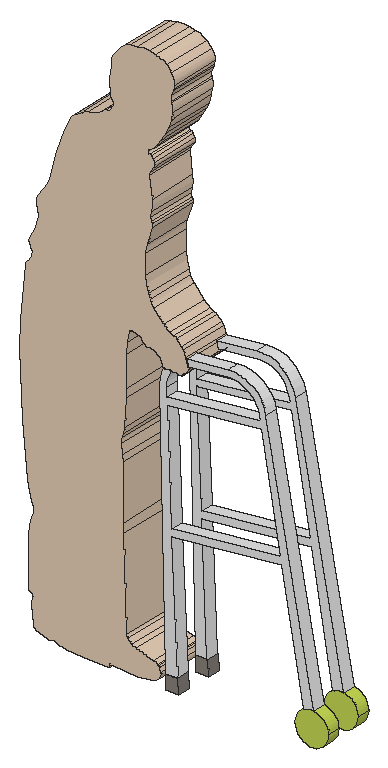
Revit family
Parameters
  Human Walker Ball = Human Walker Ball
  Human Finish [instance] = Human Flesh
  Human Depth [instance] = 0' - 6"
Reference planes (in)
  plane 1 "Center (Front/Back)": y = 0
  plane 2: z = 0
  plane 3 "Center (Left/Right)": x = 0
  plane 4: y = -6
  plane 5: y = -3
  plane 6: y = -1.5
  plane 7: y = -4.5
  plane 8: y = -3.75
  plane 9 "ball": y = -5.25
  plane 10: y = -2.25
  plane 11: y = -0.75
Forms (in)
  Extrusion 1, solid, material "Human Flesh" <- "Human Finish"
    sketch origin (0, 0, 0) x (1, 0, 0) y (0, 0, 1)
      loop
        arc (-8.8161, 0.14983) -> (-7.74738, 0.0375) -> (-6.67342, 0) r 15.39576
        line (-6.67342, 0) -> (-3.87532, 0)
        arc (-3.87532, 0) -> (-3.61053, 0.13442) -> (-3.56275, 0.42752) r 0.32803
        line (-3.56275, 0.42752) -> (-1.34131, 0.23317)
        arc (-1.34131, 0.23317) -> (-0.7616, 0.21292) -> (-0.18296, 0.25339) r 5.54168
        line (-0.18296, 0.25339) -> (1.31689, 0.43754)
        arc (1.31689, 0.43754) -> (1.70241, 0.53366) -> (2.05322, 0.72019) r 1.63011
        line (2.05322, 0.72019) -> (2.34947, 0.92763)
        arc (2.34947, 0.92763) -> (2.58822, 1.25324) -> (2.57941, 1.6569) r 0.62804
        line (2.57941, 1.6569) -> (2.40416, 2.1384)
        arc (2.40416, 2.1384) -> (2.35438, 2.23933) -> (2.28394, 2.3271) r 0.51687
        line (2.28394, 2.3271) -> (2.20657, 2.40447)
        arc (2.20657, 2.40447) -> (1.99325, 2.56816) -> (1.74483, 2.67106) r 1.03001
        line (1.74483, 2.67106) -> (-0.46049, 3.26197)
        arc (-0.46049, 3.26197) -> (-0.72059, 3.36971) -> (-0.94394, 3.54109) r 1.07843
        line (-0.94394, 3.54109) -> (-1.41172, 4.00887)
        arc (-1.41172, 4.00887) -> (-1.52362, 4.17322) -> (-1.5675, 4.36714) r 0.53298
        line (-1.5675, 4.36714) -> (-1.94386, 15.14451)
        arc (-1.94386, 15.14451) -> (-1.95879, 15.71479) -> (-1.96377, 16.28525) r 32.6864
        line (-1.96377, 16.28525) -> (-1.96377, 22.8602)
        arc (-1.96377, 22.8602) -> (-1.9715, 23.21437) -> (-1.99466, 23.56787) r 8.11958
        line (-1.99466, 23.56787) -> (-2.10834, 24.86722)
        arc (-2.10834, 24.86722) -> (-2.10834, 25.2045) -> (-2.04978, 25.53665) r 1.93492
        line (-2.04978, 25.53665) -> (-1.96921, 25.83731)
        arc (-1.96921, 25.83731) -> (-1.8942, 26.17566) -> (-1.84897, 26.51925) r 3.97256
        line (-1.84897, 26.51925) -> (-1.55509, 29.87829)
        arc (-1.55509, 29.87829) -> (-1.52041, 30.40736) -> (-1.50885, 30.93743) r 12.15227
        line (-1.50885, 30.93743) -> (-1.50885, 34.73789)
        arc (-1.50885, 34.73789) -> (-1.48265, 35.40479) -> (-1.4042, 36.06758) r 8.5
        line (-1.4042, 36.06758) -> (-1.2211, 37.22365)
        arc (-1.2211, 37.22365) -> (-1.06077, 37.44841) -> (-0.78478, 37.45564) r 0.30938
        line (-0.78478, 37.45564) -> (0.06946, 37.0573)
        arc (0.06946, 37.0573) -> (0.19522, 36.98469) -> (0.30646, 36.89136) r 0.83305
        line (0.30646, 36.89136) -> (0.8737, 36.32411)
        arc (0.8737, 36.32411) -> (0.91351, 36.29935) -> (0.96018, 36.29473) r 0.10331
        line (0.96018, 36.29473) -> (1.3077, 36.34028)
        arc (1.3077, 36.34028) -> (1.50253, 36.32956) -> (1.68024, 36.24901) r 0.52953
        line (1.68024, 36.24901) -> (2.29271, 35.82016)
        arc (2.29271, 35.82016) -> (2.49281, 35.62006) -> (2.6124, 35.36359) r 0.81481
        line (2.6124, 35.36359) -> (2.72674, 34.93685)
        arc (2.72674, 34.93685) -> (2.75554, 34.88154) -> (2.80501, 34.84358) r 0.14404
        line (2.80501, 34.84358) -> (3.02369, 34.74161)
        arc (3.02369, 34.74161) -> (3.07864, 34.72493) -> (3.13606, 34.72428) r 0.20335
        line (3.13606, 34.72428) -> (3.66147, 34.79315)
        arc (3.66147, 34.79315) -> (3.70898, 34.78845) -> (3.74952, 34.76324) r 0.10519
        line (3.74952, 34.76324) -> (3.80863, 34.70413)
        arc (3.80863, 34.70413) -> (3.85051, 34.67807) -> (3.89959, 34.67322) r 0.10867
        line (3.89959, 34.67322) -> (4.435, 34.7434)
        arc (4.435, 34.7434) -> (4.46933, 34.74301) -> (4.50219, 34.73304) r 0.1216
        line (4.50219, 34.73304) -> (4.55487, 34.70847)
        arc (4.55487, 34.70847) -> (4.64776, 34.67694) -> (4.74528, 34.66626) r 0.45057
        line (4.74528, 34.66626) -> (5.06598, 34.66626)
        arc (5.06598, 34.66626) -> (5.13296, 34.68578) -> (5.17896, 34.73823) r 0.12465
        line (5.17896, 34.73823) -> (5.26615, 34.92521)
        arc (5.26615, 34.92521) -> (5.29332, 34.95619) -> (5.33287, 34.96772) r 0.07363
        line (5.33287, 34.96772) -> (5.39809, 34.96772)
        arc (5.39809, 34.96772) -> (5.49376, 34.98675) -> (5.57487, 35.04094) r 0.25
        line (5.57487, 35.04094) -> (5.81536, 35.28144)
        arc (5.81536, 35.28144) -> (5.89208, 35.41433) -> (5.89208, 35.56778) r 0.29644
        line (5.89208, 35.56778) -> (5.65339, 36.45857)
        arc (5.65339, 36.45857) -> (5.6096, 36.60884) -> (5.55928, 36.75705) r 3.58741
        line (5.55928, 36.75705) -> (5.29099, 37.49417)
        arc (5.29099, 37.49417) -> (5.21295, 37.65242) -> (5.10251, 37.79003) r 0.81039
        line (5.10251, 37.79003) -> (4.4943, 38.39824)
        arc (4.4943, 38.39824) -> (4.33511, 38.53181) -> (4.15515, 38.63572) r 1.19215
        line (4.15515, 38.63572) -> (3.65227, 38.87022)
        arc (3.65227, 38.87022) -> (3.24511, 39.11729) -> (2.90108, 39.44662) r 2.18734
        line (2.90108, 39.44662) -> (1.73196, 40.83992)
        arc (1.73196, 40.83992) -> (1.47892, 41.2013) -> (1.29248, 41.60112) r 2.53088
        line (1.29248, 41.60112) -> (1.07769, 42.19127)
        arc (1.07769, 42.19127) -> (0.84083, 43.07522) -> (0.76107, 43.98688) r 5.25
        line (0.76107, 43.98688) -> (0.76107, 46.38571)
        arc (0.76107, 46.38571) -> (0.80397, 46.92453) -> (0.93157, 47.44978) r 3.40555
        line (0.93157, 47.44978) -> (1.59136, 49.45573)
        arc (1.59136, 49.45573) -> (1.61633, 49.64784) -> (1.56881, 49.83566) r 0.51686
        line (1.56881, 49.83566) -> (1.44913, 50.09231)
        arc (1.44913, 50.09231) -> (1.38854, 50.30022) -> (1.39326, 50.51672) r 0.71177
        line (1.39326, 50.51672) -> (1.49884, 51.11549)
        arc (1.49884, 51.11549) -> (1.56811, 51.77455) -> (1.54498, 52.43683) r 4.75
        line (1.54498, 52.43683) -> (1.26845, 55.06783)
        arc (1.26845, 55.06783) -> (1.28164, 55.24528) -> (1.35614, 55.40688) r 0.5
        line (1.35614, 55.40688) -> (1.79251, 56.03008)
        arc (1.79251, 56.03008) -> (1.8852, 56.28475) -> (1.83814, 56.55164) r 0.52355
        line (1.83814, 56.55164) -> (1.66268, 56.92791)
        arc (1.66268, 56.92791) -> (1.56716, 57.06307) -> (1.43035, 57.15622) r 0.46504
        line (1.43035, 57.15622) -> (1.2241, 57.24805)
        arc (1.2241, 57.24805) -> (1.07673, 57.45465) -> (1.18598, 57.68369) r 0.25
        line (1.18598, 57.68369) -> (1.43174, 57.84946)
        arc (1.43174, 57.84946) -> (1.83075, 58.17546) -> (2.16366, 58.56871) r 2.81551
        line (2.16366, 58.56871) -> (2.70286, 59.33878)
        arc (2.70286, 59.33878) -> (2.98901, 59.79229) -> (3.23038, 60.27115) r 5.58843
        line (3.23038, 60.27115) -> (3.50056, 60.878)
        arc (3.50056, 60.878) -> (3.69127, 61.38806) -> (3.81839, 61.91757) r 4.45997
        line (3.81839, 61.91757) -> (3.94709, 62.64746)
        arc (3.94709, 62.64746) -> (3.98311, 63.19709) -> (3.89932, 63.74148) r 2.5297
        line (3.89932, 63.74148) -> (3.84125, 63.95823)
        arc (3.84125, 63.95823) -> (3.81221, 64.27428) -> (3.89033, 64.5819) r 0.93707
        line (3.89033, 64.5819) -> (4.1201, 65.09798)
        arc (4.1201, 65.09798) -> (4.15606, 65.19414) -> (4.18003, 65.29398) r 0.84088
        line (4.18003, 65.29398) -> (4.2563, 65.72655)
        arc (4.2563, 65.72655) -> (4.21405, 66.37125) -> (3.87888, 66.92359) r 1.3591
        line (3.87888, 66.92359) -> (3.23895, 67.56352)
        arc (3.23895, 67.56352) -> (2.64692, 67.99761) -> (1.95175, 68.23359) r 2.41293
        line (1.95175, 68.23359) -> (1.20978, 68.36442)
        arc (1.20978, 68.36442) -> (0.48464, 68.43105) -> (-0.24155, 68.37708) r 4.39687
        line (-0.24155, 68.37708) -> (-1.07364, 68.2453)
        arc (-1.07364, 68.2453) -> (-1.67487, 68.03239) -> (-2.15988, 67.61815) r 1.75
        line (-2.15988, 67.61815) -> (-3.22424, 66.30377)
        arc (-3.22424, 66.30377) -> (-3.29208, 66.18974) -> (-3.32474, 66.06114) r 0.46233
        line (-3.32474, 66.06114) -> (-3.42207, 65.1351)
        arc (-3.42207, 65.1351) -> (-3.50514, 64.45859) -> (-3.61176, 63.78539) r 19.52716
        line (-3.61176, 63.78539) -> (-3.65715, 63.52796)
        arc (-3.65715, 63.52796) -> (-3.66837, 63.35689) -> (-3.64229, 63.18744) r 0.78739
        line (-3.64229, 63.18744) -> (-3.55688, 62.86869)
        arc (-3.55688, 62.86869) -> (-3.5093, 62.62951) -> (-3.49335, 62.38616) r 1.86436
        line (-3.49335, 62.38616) -> (-3.49335, 61.91397)
        arc (-3.49335, 61.91397) -> (-3.46082, 61.7504) -> (-3.36816, 61.61173) r 0.42742
        line (-3.36816, 61.61173) -> (-3.1975, 61.44107)
        arc (-3.1975, 61.44107) -> (-3.08326, 61.19607) -> (-3.15322, 60.93496) r 0.39519
        line (-3.15322, 60.93496) -> (-3.6249, 60.26134)
        arc (-3.6249, 60.26134) -> (-3.69085, 60.2035) -> (-3.77605, 60.18265) r 0.18453
        line (-3.77605, 60.18265) -> (-3.96014, 60.18265)
        arc (-3.96014, 60.18265) -> (-4.16326, 60.14225) -> (-4.33546, 60.02719) r 0.53078
        line (-4.33546, 60.02719) -> (-4.53697, 59.82568)
        arc (-4.53697, 59.82568) -> (-4.72646, 59.68027) -> (-4.94713, 59.58887) r 0.91497
        line (-4.94713, 59.58887) -> (-6.11518, 59.27589)
        arc (-6.11518, 59.27589) -> (-6.60148, 59.10129) -> (-7.05229, 58.84883) r 3.1198
        line (-7.05229, 58.84883) -> (-7.87312, 58.29516)
        arc (-7.87312, 58.29516) -> (-8.22502, 57.97831) -> (-8.47595, 57.57674) r 1.70122
        line (-8.47595, 57.57674) -> (-9.06588, 56.25174)
        arc (-9.06588, 56.25174) -> (-9.59387, 54.92833) -> (-10.0164, 53.56757) r 18.14638
        line (-10.0164, 53.56757) -> (-10.88226, 50.33611)
        arc (-10.88226, 50.33611) -> (-10.9917, 50.02708) -> (-11.14812, 49.73898) r 2.08916
        line (-11.14812, 49.73898) -> (-12.30793, 47.95304)
        arc (-12.30793, 47.95304) -> (-12.44473, 47.60551) -> (-12.43468, 47.23216) r 0.93557
        line (-12.43468, 47.23216) -> (-12.24516, 46.41486)
        arc (-12.24516, 46.41486) -> (-12.19803, 45.92904) -> (-12.27847, 45.4476) r 1.86636
        line (-12.27847, 45.4476) -> (-12.54621, 44.57189)
        arc (-12.54621, 44.57189) -> (-12.69695, 44.16329) -> (-12.89298, 43.77438) r 3.84106
        line (-12.89298, 43.77438) -> (-13.26441, 43.13103)
        arc (-13.26441, 43.13103) -> (-13.34605, 42.85093) -> (-13.28914, 42.56478) r 0.61374
        line (-13.28914, 42.56478) -> (-13.00311, 41.9514)
        arc (-13.00311, 41.9514) -> (-12.9428, 41.71817) -> (-12.97007, 41.47882) r 0.66096
        line (-12.97007, 41.47882) -> (-13.06015, 41.18417)
        arc (-13.06015, 41.18417) -> (-13.16536, 40.94787) -> (-13.3246, 40.74404) r 1.06122
        line (-13.3246, 40.74404) -> (-13.54449, 40.52416)
        arc (-13.54449, 40.52416) -> (-13.64322, 40.38826) -> (-13.69513, 40.22851) r 0.53688
        line (-13.69513, 40.22851) -> (-13.7316, 39.99825)
        arc (-13.7316, 39.99825) -> (-14.12131, 36.93484) -> (-14.32329, 33.85335) r 50.56079
        line (-14.32329, 33.85335) -> (-14.43074, 30.77615)
        arc (-14.43074, 30.77615) -> (-14.43074, 26.95465) -> (-14.16417, 23.14247) r 54.75
        line (-14.16417, 23.14247) -> (-13.50245, 16.84666)
        arc (-13.50245, 16.84666) -> (-13.32339, 15.77663) -> (-13.01526, 14.73639) r 8.88565
        line (-13.01526, 14.73639) -> (-12.81437, 14.18445)
        arc (-12.81437, 14.18445) -> (-12.76108, 13.88223) -> (-12.81437, 13.58001) r 0.88363
        line (-12.81437, 13.58001) -> (-13.02657, 12.99701)
        arc (-13.02657, 12.99701) -> (-13.29726, 11.98677) -> (-13.38841, 10.94489) r 6
        line (-13.38841, 10.94489) -> (-13.38841, 5.23415)
        arc (-13.38841, 5.23415) -> (-13.33821, 5.02898) -> (-13.19894, 4.87018) r 0.44433
        line (-13.19894, 4.87018) -> (-12.96494, 4.70633)
        arc (-12.96494, 4.70633) -> (-12.84949, 4.54888) -> (-12.85375, 4.35368) r 0.3037
        line (-12.85375, 4.35368) -> (-12.91216, 4.19321)
        arc (-12.91216, 4.19321) -> (-12.99297, 3.86295) -> (-13.00039, 3.52302) r 1.56158
        line (-13.00039, 3.52302) -> (-12.81743, 1.43184)
        arc (-12.81743, 1.43184) -> (-12.72044, 1.18241) -> (-12.50462, 1.02417) r 0.47819
        line (-12.50462, 1.02417) -> (-11.04181, 0.49175)
        arc (-11.04181, 0.49175) -> (-10.9127, 0.47188) -> (-10.78581, 0.50293) r 0.3348
        line (-10.78581, 0.50293) -> (-10.46056, 0.65459)
        arc (-10.46056, 0.65459) -> (-10.34788, 0.67446) -> (-10.24036, 0.63533) r 0.22104
        line (-10.24036, 0.63533) -> (-9.85233, 0.36363)
        arc (-9.85233, 0.36363) -> (-9.72409, 0.29472) -> (-9.5833, 0.25765) r 0.6193
        line (-9.5833, 0.25765) -> (-8.8161, 0.14983)
    from 0 to 6 <- "Human Depth"
  Extrusion 2, solid, material "Human Walker Frame"
    sketch origin (-10.46056, -5.25, 48) x (1, 0, 0) y (0, 0, 1)
      loop
        line (13.66753, -46.25) -> (15.00444, -46.25) -> (14.37936, -31.16589) -> (27.6216, -29.53994) -> (30.21323, -44.23777)
        arc (30.21323, -44.23777) -> (30.85048, -43.9974) -> (31.53137, -43.98155) r 2.02802
        line (31.53137, -43.98155) -> (25.73434, -14.15843)
        arc (25.73434, -14.15843) -> (24.06051, -11.53105) -> (21.04448, -10.75105) r 4.25
        line (21.04448, -10.75105) -> (16.19489, -11.3465)
        arc (16.19489, -11.3465) -> (16.1283, -11.35528) -> (16.06188, -11.36526) r 3.75
        arc (16.06188, -11.36526) -> (16.08905, -11.45301) -> (16.11395, -11.54143) r 3.58741
        line (16.11395, -11.54143) -> (16.27856, -12.15574)
        arc (16.27856, -12.15574) -> (16.31502, -12.15058) -> (16.35154, -12.14587) r 3
        line (16.35154, -12.14587) -> (21.08411, -11.56478)
        arc (21.08411, -11.56478) -> (23.59253, -12.22519) -> (24.95748, -14.43093) r 3.5
        line (24.95748, -14.43093) -> (25.03705, -14.88221) -> (13.76195, -16.26662) -> (13.71972, -15.24772)
        arc (13.71972, -15.24772) -> (13.85202, -14.2341) -> (14.31697, -13.32374) r 3
        arc (14.31697, -13.32374) -> (14.29128, -13.3129) -> (14.26919, -13.29587) r 0.10867
        line (14.26919, -13.29587) -> (14.21008, -13.23676)
        arc (14.21008, -13.23676) -> (14.16954, -13.21155) -> (14.12203, -13.20685) r 0.10519
        line (14.12203, -13.20685) -> (13.59662, -13.27572)
        arc (13.59662, -13.27572) -> (13.5392, -13.27507) -> (13.48425, -13.25839) r 0.20335
        line (13.48425, -13.25839) -> (13.39185, -13.2153)
        arc (13.39185, -13.2153) -> (13.01495, -14.15473) -> (12.90304, -15.16073) r 3.75
        line (12.90304, -15.16073) -> (13.66753, -46.25)
      loop
        line (13.7957, -17.08108) -> (14.34561, -30.35143) -> (27.48032, -28.73869) -> (25.17833, -15.68346) -> (13.7957, -17.08108)
    from 0.75 to -0.75
  Extrusion 3, solid, material "Human Walker Ball" <- "Human Walker Ball"
    sketch origin (0, 0, 0) x (1, 0, 0) y (0, 0, 1)
      loop
        circle (20.77688, 2.01184) r 2.02802
    from 4.5 to 6
  Extrusion 4, solid, material "Human Walker Foot"
    sketch origin (0, 0, 0) x (1, 0, 0) y (0, 0, 1)
      loop
        line (3.12542, 1.75) -> (3.12542, 0) -> (4.71713, 0) -> (4.62542, 1.75) -> (3.12542, 1.75)
    from 4.5 to 6
  Extrusion 5, solid, material "Human Walker Ball" <- "Human Walker Ball"
    sketch origin (-10.46056, -0.75, 48) x (1, 0, 0) y (0, 0, -1)
      loop
        circle (31.23744, 45.98816) r 2.02802
    from -0.75 to 0.75
  Extrusion 6, solid, material "Human Walker Foot"
    sketch origin (-10.46056, -0.75, 48) x (1, 0, 0) y (0, 0, -1)
      loop
        line (13.58598, 46.25) -> (15.08598, 46.25) -> (15.1777, 48) -> (13.58598, 48) -> (13.58598, 46.25)
    from -0.75 to 0.75
  Extrusion 7, solid, material "Human Walker Frame"
    sketch origin (-10.46056, -0.75, 48) x (1, 0, 0) y (0, 0, -1)
      loop
        line (13.66753, 46.25) -> (12.90304, 15.16073)
        arc (12.90304, 15.16073) -> (13.01495, 14.15473) -> (13.39185, 13.2153) r 3.75
        line (13.39185, 13.2153) -> (13.48425, 13.25839)
        arc (13.48425, 13.25839) -> (13.5392, 13.27507) -> (13.59662, 13.27572) r 0.20335
        line (13.59662, 13.27572) -> (14.12203, 13.20685)
        arc (14.12203, 13.20685) -> (14.16954, 13.21155) -> (14.21008, 13.23676) r 0.10519
        line (14.21008, 13.23676) -> (14.26919, 13.29587)
        arc (14.26919, 13.29587) -> (14.29128, 13.3129) -> (14.31697, 13.32374) r 0.10867
        arc (14.31697, 13.32374) -> (13.85202, 14.2341) -> (13.71972, 15.24772) r 3
        line (13.71972, 15.24772) -> (13.76195, 16.26662) -> (25.03705, 14.88221) -> (24.95748, 14.43093)
        arc (24.95748, 14.43093) -> (23.59253, 12.22519) -> (21.08411, 11.56478) r 3.5
        line (21.08411, 11.56478) -> (16.35154, 12.14587)
        arc (16.35154, 12.14587) -> (16.31502, 12.15058) -> (16.27856, 12.15574) r 3
        line (16.27856, 12.15574) -> (16.11395, 11.54143)
        arc (16.11395, 11.54143) -> (16.08905, 11.45301) -> (16.06188, 11.36526) r 3.58741
        arc (16.06188, 11.36526) -> (16.1283, 11.35528) -> (16.19489, 11.3465) r 3.75
        line (16.19489, 11.3465) -> (21.04448, 10.75105)
        arc (21.04448, 10.75105) -> (24.06051, 11.53105) -> (25.73434, 14.15843) r 4.25
        line (25.73434, 14.15843) -> (31.53137, 43.98155)
        arc (31.53137, 43.98155) -> (30.85048, 43.9974) -> (30.21323, 44.23777) r 2.02802
        line (30.21323, 44.23777) -> (27.6216, 29.53994) -> (14.37936, 31.16589) -> (15.00444, 46.25) -> (13.66753, 46.25)
      loop
        line (13.7957, 17.08108) -> (25.17833, 15.68346) -> (27.48032, 28.73869) -> (14.34561, 30.35143) -> (13.7957, 17.08108)
    from 0.75 to -0.75
Dimensions and locks (in)
  "Human Depth": plane 4 to plane 1 "Center (Front/Back)"
  equal spacing: plane 4, plane 5, plane 1 "Center (Front/Back)"
  equal spacing: plane 4, plane 7, plane 5
  equal spacing: plane 5, plane 6, plane 1 "Center (Front/Back)"
  equal spacing: plane 4, plane 9 "ball", plane 7
  equal spacing: plane 5, plane 8, plane 7
  equal spacing: plane 5, plane 10, plane 6
  equal spacing: plane 6, plane 11, plane 1 "Center (Front/Back)"
  aligned and locked: plane 4 to Extrusion 2
  aligned and locked: Extrusion 2 to plane 7
  aligned and locked: Extrusion 3 to plane 7
  aligned and locked: plane 4 to Extrusion 3
  aligned and locked: plane 7 to Extrusion 4
  aligned and locked: plane 4 to Extrusion 4
  aligned and locked: plane 6 to Extrusion 6
  aligned and locked: Extrusion 6 to plane 1 "Center (Front/Back)"
  aligned and locked: plane 6 to Extrusion 5
  aligned and locked: Extrusion 5 to plane 1 "Center (Front/Back)"
  aligned and locked: plane 6 to Extrusion 7
  aligned and locked: Extrusion 7 to plane 1 "Center (Front/Back)"
Automatic sketch dimensions
  Extrusion 1 sketch curve to level = 0' - 0"
  Extrusion 1 sketch curve to plane 3 "Center (Left/Right)" = 1' - 10.84226"
  Extrusion 1 sketch curve to plane 3 "Center (Left/Right)" = 1' - 4.21944"
  Extrusion 1 sketch curve to plane 3 "Center (Left/Right)" = 1' - 2.43074"
  Extrusion 1 sketch curve to Extrusion 1 sketch curve = 0' - 0.10746"
  Extrusion 1 sketch curve to Extrusion 1 sketch curve = 0' - 0.26657"
  Extrusion 1 sketch curve to Extrusion 1 sketch curve = 0' - 2.14444"
  Extrusion 1 sketch curve to Extrusion 1 sketch curve = 0' - 2.15616"
  Extrusion 1 sketch curve to Extrusion 1 sketch curve = 0' - 0.3434"
  Extrusion 1 sketch curve to Extrusion 1 sketch curve = 0' - 0.03647"
  Extrusion 1 sketch curve to Extrusion 1 sketch curve = 0' - 0.76962"
  Extrusion 1 sketch curve to Extrusion 1 sketch curve = 0' - 0.51946"
  Extrusion 1 sketch curve to Extrusion 1 sketch curve = 0' - 0.47285"
  Extrusion 1 sketch curve to Extrusion 1 sketch curve = 0' - 0.15064"
  Extrusion 1 sketch curve to Extrusion 1 sketch curve = 0' - 0.14225"
  Extrusion 1 sketch curve to Extrusion 1 sketch curve = 0' - 0.25629"
  Extrusion 1 sketch curve to Extrusion 1 sketch curve = 0' - 0.21989"  (x2)
  Extrusion 1 sketch curve to Extrusion 1 sketch curve = 0' - 0.31301"
  Extrusion 1 sketch curve to Extrusion 1 sketch curve = 0' - 0.02472"
  level to Extrusion 1 sketch curve = 0' - 4.87018"
  Extrusion 1 sketch curve to Extrusion 1 sketch curve = 0' - 0.18947"
  Extrusion 1 sketch curve to Extrusion 1 sketch curve = 0' - 0.37963"
  Extrusion 1 sketch curve to Extrusion 1 sketch curve = 0' - 0.0598"
  Extrusion 1 sketch curve to Extrusion 1 sketch curve = 0' - 0.26445"
  Extrusion 1 sketch curve to Extrusion 1 sketch curve = 0' - 0.61814"
  Extrusion 1 sketch curve to Extrusion 1 sketch curve = 0' - 0.62945"
  Extrusion 1 sketch curve to Extrusion 1 sketch curve = 0' - 0.59904"
  level to Extrusion 1 sketch curve = 0' - 3.52302"
  Extrusion 1 sketch curve to Extrusion 1 sketch curve = 0' - 0.13875"
  Extrusion 1 sketch curve to Extrusion 1 sketch curve = 0' - 0.09009"
  level to Extrusion 1 sketch curve = 0' - 4.70633"
  Extrusion 1 sketch curve to Extrusion 1 sketch curve = 0' - 0.234"
  Extrusion 1 sketch curve to Extrusion 1 sketch curve = 0' - 0.25486"
  Extrusion 1 sketch curve to Extrusion 1 sketch curve = 0' - 0.22698"
  Extrusion 1 sketch curve to Extrusion 1 sketch curve = 0' - 1.16304"
  Extrusion 1 sketch curve to Extrusion 1 sketch curve = 0' - 0.37144"
  level to Extrusion 1 sketch curve = 0' - 4.35368"
  Extrusion 1 sketch curve to Extrusion 1 sketch curve = 0' - 0.05841"
  Extrusion 1 sketch curve to Extrusion 1 sketch curve = 0' - 0.18295"
  Extrusion 1 sketch curve to Extrusion 1 sketch curve = 0' - 0.2122"
  Extrusion 1 sketch curve to Extrusion 1 sketch curve = 0' - 0.20089"
  Extrusion 1 sketch curve to Extrusion 1 sketch curve = 0' - 0.55623"
  Extrusion 1 sketch curve to Extrusion 1 sketch curve = 0' - 0.34677"
  Extrusion 1 sketch curve to Extrusion 1 sketch curve = 0' - 0.31282"
  Extrusion 1 sketch curve to Extrusion 1 sketch curve = 0' - 1.6286"
  Extrusion 1 sketch curve to Extrusion 1 sketch curve = 0' - 0.47637"
  Extrusion 1 sketch curve to Extrusion 1 sketch curve = 0' - 0.12675"
  Extrusion 1 sketch curve to Extrusion 1 sketch curve = 0' - 0.26773"
  Extrusion 1 sketch curve to Extrusion 1 sketch curve = 0' - 0.18952"
  Extrusion 1 sketch curve to Extrusion 1 sketch curve = 0' - 0.91139"
  Extrusion 1 sketch curve to Extrusion 1 sketch curve = 0' - 1.4674"
  Extrusion 1 sketch curve to Extrusion 1 sketch curve = 0' - 1.75212"
  level to Extrusion 1 sketch curve = 0' - 0.49175"
  Extrusion 1 sketch curve to Extrusion 1 sketch curve = 0' - 1.46281"
  Extrusion 1 sketch curve to Extrusion 1 sketch curve = 0' - 0.11451"
  Extrusion 1 sketch curve to Extrusion 1 sketch curve = 0' - 0.26586"
  Extrusion 1 sketch curve to Extrusion 1 sketch curve = 0' - 0.256"
  Extrusion 1 sketch curve to Extrusion 1 sketch curve = 0' - 0.32525"
  Extrusion 1 sketch curve to Extrusion 1 sketch curve = 0' - 0.09342"
  Extrusion 1 sketch curve to Extrusion 1 sketch curve = 0' - 0.12678"
  Extrusion 1 sketch curve to Extrusion 1 sketch curve = 0' - 4.08082"
  Extrusion 1 sketch curve to Extrusion 1 sketch curve = 0' - 0.86587"
  Extrusion 1 sketch curve to Extrusion 1 sketch curve = 0' - 0.38803"
  Extrusion 1 sketch curve to Extrusion 1 sketch curve = 0' - 0.26903"
  Extrusion 1 sketch curve to Extrusion 1 sketch curve = 0' - 0.35522"
  Extrusion 1 sketch curve to Extrusion 1 sketch curve = 0' - 0.95051"
  level to Extrusion 1 sketch curve = 0' - 0.14983"
  Extrusion 1 sketch curve to Extrusion 1 sketch curve = 0' - 0.7672"
  Extrusion 1 sketch curve to Extrusion 1 sketch curve = 0' - 0.58993"
  Extrusion 1 sketch curve to Extrusion 1 sketch curve = 0' - 0.60283"
  Extrusion 1 sketch curve to Extrusion 1 sketch curve = 0' - 5.63816"
  Extrusion 1 sketch curve to Extrusion 1 sketch curve = 0' - 0.82084"
  Extrusion 1 sketch curve to Extrusion 1 sketch curve = 0' - 0.95131"
  Extrusion 1 sketch curve to Extrusion 1 sketch curve = 0' - 2.14268"
  Extrusion 1 sketch curve to Extrusion 1 sketch curve = 0' - 0.93711"
  Extrusion 1 sketch curve to plane 3 "Center (Left/Right)" = 0' - 5.80641"
  Extrusion 1 sketch curve to Extrusion 1 sketch curve = 0' - 0.75747"
  Extrusion 1 sketch curve to Extrusion 1 sketch curve = 0' - 1.6141"
  Extrusion 1 sketch curve to Extrusion 1 sketch curve = 0' - 0.93123"
  Extrusion 1 sketch curve to Extrusion 1 sketch curve = 0' - 0.23681"  (x2)
  Extrusion 1 sketch curve to Extrusion 1 sketch curve = 0' - 2.00794"
  Extrusion 1 sketch curve to Extrusion 1 sketch curve = 0' - 0 105/256"
  Extrusion 1 sketch curve to Extrusion 1 sketch curve = 0' - 0.20151"  (x2)
  Extrusion 1 sketch curve to Extrusion 1 sketch curve = 0' - 0.37532"
  level to Extrusion 1 sketch curve = 0' - 0.32803"
  Extrusion 1 sketch curve to Extrusion 1 sketch curve = 0' - 0.18408"
  Extrusion 1 sketch curve to Extrusion 1 sketch curve = 0' - 1.70055"
  Extrusion 1 sketch curve to Extrusion 1 sketch curve = 0' - 0.01487"
  Extrusion 1 sketch curve to Extrusion 1 sketch curve = 0' - 0.15116"
  Extrusion 1 sketch curve to Extrusion 1 sketch curve = 0' - 0.04539"
  level to Extrusion 1 sketch curve = 0' - 0.42752"
  Extrusion 1 sketch curve to Extrusion 1 sketch curve = 0' - 0.08541"
  Extrusion 1 sketch curve to Extrusion 1 sketch curve = 0' - 0.06353"
  Extrusion 1 sketch curve to Extrusion 1 sketch curve = 0' - 0.01641"
  Extrusion 1 sketch curve to Extrusion 1 sketch curve = 0' - 0.18969"
  Extrusion 1 sketch curve to Extrusion 1 sketch curve = 0' - 0.12519"
  Extrusion 1 sketch curve to Extrusion 1 sketch curve = 0' - 0.09733"
  Extrusion 1 sketch curve to Extrusion 1 sketch curve = 0' - 0.1005"
  Extrusion 1 sketch curve to Extrusion 1 sketch curve = 0' - 0.17066"  (x2)
  Extrusion 1 sketch curve to plane 3 "Center (Left/Right)" = 0' - 3.179"
  Extrusion 1 sketch curve to Extrusion 1 sketch curve = 0' - 0.32372"
  Extrusion 1 sketch curve to Extrusion 1 sketch curve = 0' - 0.30223"
  Extrusion 1 sketch curve to Extrusion 1 sketch curve = 0' - 0.76056"
  Extrusion 1 sketch curve to Extrusion 1 sketch curve = 0' - 0.4598"
  Extrusion 1 sketch curve to Extrusion 1 sketch curve = 0' - 1.06436"
  Extrusion 1 sketch curve to plane 3 "Center (Left/Right)" = 0' - 2.10834"
  Extrusion 1 sketch curve to Extrusion 1 sketch curve = 0' - 0.05857"
  Extrusion 1 sketch curve to Extrusion 1 sketch curve = 0' - 0.11368"
  Extrusion 1 sketch curve to Extrusion 1 sketch curve = 0' - 0.08056"
  Extrusion 1 sketch curve to Extrusion 1 sketch curve = 0' - 0.0309"
  Extrusion 1 sketch curve to Extrusion 1 sketch curve = 0' - 0.01991"
  Extrusion 1 sketch curve to Extrusion 1 sketch curve = 0' - 1.00682"
  Extrusion 1 sketch curve to Extrusion 1 sketch curve = 0' - 0.12024"
  Extrusion 1 sketch curve to plane 3 "Center (Left/Right)" = 0' - 1.5675"
  Extrusion 1 sketch curve to plane 3 "Center (Left/Right)" = 0' - 1.55509"
  Extrusion 1 sketch curve to plane 3 "Center (Left/Right)" = 0' - 1.50885"
  Extrusion 1 sketch curve to Extrusion 1 sketch curve = 0' - 0.15578"
  Extrusion 1 sketch curve to Extrusion 1 sketch curve = 0' - 0.10465"
  Extrusion 1 sketch curve to Extrusion 1 sketch curve = 0' - 2.22144"
  Extrusion 1 sketch curve to Extrusion 1 sketch curve = 0' - 0.1831"
  Extrusion 1 sketch curve to Extrusion 1 sketch curve = 0' - 0.37687"
  Extrusion 1 sketch curve to plane 3 "Center (Left/Right)" = 0' - 1.07364"
  Extrusion 1 sketch curve to Extrusion 1 sketch curve = 0' - 0.46778"  (x2)
  Extrusion 1 sketch curve to Extrusion 1 sketch curve = 0' - 0.30557"
  Extrusion 1 sketch curve to plane 3 "Center (Left/Right)" = 0' - 0.85832"
  Extrusion 1 sketch curve to plane 3 "Center (Left/Right)" = 0' - 0.79987"
  Extrusion 1 sketch curve to Extrusion 1 sketch curve = 0' - 0.13075"
  Extrusion 1 sketch curve to plane 3 "Center (Left/Right)" = 0' - 0.57383"
  Extrusion 1 sketch curve to plane 3 "Center (Left/Right)" = 0' - 0.46049"
  Extrusion 1 sketch curve to plane 3 "Center (Left/Right)" = 0' - 0.2826"
  Extrusion 1 sketch curve to plane 3 "Center (Left/Right)" = 0' - 0.24155"
  Extrusion 1 sketch curve to plane 3 "Center (Left/Right)" = 0' - 0.18296"
  Extrusion 1 sketch curve to plane 3 "Center (Left/Right)" = 0' - 0.18137"
  Extrusion 1 sketch curve to plane 3 "Center (Left/Right)" = 0' - 0.18079"
  Extrusion 1 sketch curve to plane 3 "Center (Left/Right)" = 0' - 0.14267"
  plane 3 "Center (Left/Right)" to Extrusion 1 sketch curve = 0' - 0.06946"
  Extrusion 1 sketch curve to Extrusion 1 sketch curve = 0' - 0.23699"
  plane 3 "Center (Left/Right)" to Extrusion 1 sketch curve = 0' - 0.44627"
  plane 3 "Center (Left/Right)" to Extrusion 1 sketch curve = 0' - 0.76107"
  Extrusion 1 sketch curve to Extrusion 1 sketch curve = 0' - 0.56724"  (x2)
  plane 3 "Center (Left/Right)" to Extrusion 1 sketch curve = 0' - 0.93157"
  Extrusion 1 sketch curve to Extrusion 1 sketch curve = 0' - 0.07305"
  Extrusion 1 sketch curve to Extrusion 1 sketch curve = 0' - 0.08648"
  plane 3 "Center (Left/Right)" to Extrusion 1 sketch curve = 0' - 1.07769"
  plane 3 "Center (Left/Right)" to Extrusion 1 sketch curve = 0' - 1.10038"
  plane 3 "Center (Left/Right)" to Extrusion 1 sketch curve = 0' - 1.11823"
  plane 3 "Center (Left/Right)" to Extrusion 1 sketch curve = 0' - 1.18598"
  plane 3 "Center (Left/Right)" to Extrusion 1 sketch curve = 0' - 1.20978"
  Extrusion 1 sketch curve to Extrusion 1 sketch curve = 0' - 0.03811"
  Extrusion 1 sketch curve to Extrusion 1 sketch curve = 0' - 0.01711"
  plane 3 "Center (Left/Right)" to Extrusion 1 sketch curve = 0' - 1.26845"
  Extrusion 1 sketch curve to Extrusion 1 sketch curve = 0' - 0.2148"
  Extrusion 1 sketch curve to Extrusion 1 sketch curve = 0' - 0.34752"
  plane 3 "Center (Left/Right)" to Extrusion 1 sketch curve = 0' - 1.31689"
  Extrusion 1 sketch curve to Extrusion 1 sketch curve = 0' - 0.10168"
  Extrusion 1 sketch curve to Extrusion 1 sketch curve = 0' - 0.08768"
  Extrusion 1 sketch curve to Extrusion 1 sketch curve = 0' - 0.12244"
  Extrusion 1 sketch curve to Extrusion 1 sketch curve = 0' - 0.06882"
  Extrusion 1 sketch curve to Extrusion 1 sketch curve = 0' - 0.29288"
  Extrusion 1 sketch curve to Extrusion 1 sketch curve = 0' - 0.20626"
  Extrusion 1 sketch curve to Extrusion 1 sketch curve = 0' - 0.24576"
  Extrusion 1 sketch curve to Extrusion 1 sketch curve = 0' - 0.05587"
  Extrusion 1 sketch curve to Extrusion 1 sketch curve = 0' - 1.00955"
  Extrusion 1 sketch curve to Extrusion 1 sketch curve = 0' - 0.36001"
  Extrusion 1 sketch curve to Extrusion 1 sketch curve = 0' - 0.10558"
  plane 3 "Center (Left/Right)" to Extrusion 1 sketch curve = 0' - 1.53275"
  Extrusion 1 sketch curve to Extrusion 1 sketch curve = 0' - 0.04614"
  Extrusion 1 sketch curve to Extrusion 1 sketch curve = 0' - 0.11968"
  Extrusion 1 sketch curve to Extrusion 1 sketch curve = 0' - 0.02255"
  Extrusion 1 sketch curve to Extrusion 1 sketch curve = 0' - 0.23232"
  Extrusion 1 sketch curve to Extrusion 1 sketch curve = 0' - 0.37254"
  Extrusion 1 sketch curve to Extrusion 1 sketch curve = 0' - 0.43948"
  Extrusion 1 sketch curve to Extrusion 1 sketch curve = 0' - 0.6266"
  Extrusion 1 sketch curve to Extrusion 1 sketch curve = 0' - 0.40958"
  Extrusion 1 sketch curve to Extrusion 1 sketch curve = 0' - 0.42887"
  Extrusion 1 sketch curve to Extrusion 1 sketch curve = 0' - 0.44883"
  Extrusion 1 sketch curve to Extrusion 1 sketch curve = 0' - 0.17546"
  Extrusion 1 sketch curve to Extrusion 1 sketch curve = 0' - 0.44022"
  Extrusion 1 sketch curve to Extrusion 1 sketch curve = 0' - 0.74198"
  Extrusion 1 sketch curve to Extrusion 1 sketch curve = 0' - 0.07078"
  Extrusion 1 sketch curve to Extrusion 1 sketch curve = 0' - 0.06398"
  Extrusion 1 sketch curve to Extrusion 1 sketch curve = 0' - 0.70096"
  Extrusion 1 sketch curve to Extrusion 1 sketch curve = 0' - 0.73192"
  Extrusion 1 sketch curve to Extrusion 1 sketch curve = 0' - 0.36287"
  Extrusion 1 sketch curve to Extrusion 1 sketch curve = 0' - 0.28811"
  Extrusion 1 sketch curve to Extrusion 1 sketch curve = 0' - 0.07737"  (x2)
  Extrusion 1 sketch curve to Extrusion 1 sketch curve = 0' - 0.10449"
  Extrusion 1 sketch curve to Extrusion 1 sketch curve = 0' - 0.29625"
  Extrusion 1 sketch curve to Extrusion 1 sketch curve = 0' - 0.12022"
  Extrusion 1 sketch curve to Extrusion 1 sketch curve = 0' - 0.17525"
  Extrusion 1 sketch curve to Extrusion 1 sketch curve = 0' - 0.42418"
  Extrusion 1 sketch curve to Extrusion 1 sketch curve = 0' - 0.5392"
  Extrusion 1 sketch curve to Extrusion 1 sketch curve = 0' - 0.11434"
  Extrusion 1 sketch curve to Extrusion 1 sketch curve = 0' - 0.07826"
  Extrusion 1 sketch curve to Extrusion 1 sketch curve = 0' - 0.13914"
  Extrusion 1 sketch curve to Extrusion 1 sketch curve = 0' - 1.16911"
  Extrusion 1 sketch curve to Extrusion 1 sketch curve = 0' - 1.38509"
  Extrusion 1 sketch curve to Extrusion 1 sketch curve = 0' - 0.21868"
  Extrusion 1 sketch curve to Extrusion 1 sketch curve = 0' - 0 11/128"
  Extrusion 1 sketch curve to Extrusion 1 sketch curve = 0' - 0.11237"
  Extrusion 1 sketch curve to Extrusion 1 sketch curve = 0' - 0.52751"
  Extrusion 1 sketch curve to Extrusion 1 sketch curve = 0' - 1.2872"
  Extrusion 1 sketch curve to Extrusion 1 sketch curve = 0' - 0.43407"
  Extrusion 1 sketch curve to Extrusion 1 sketch curve = 0' - 0.27019"
  Extrusion 1 sketch curve to Extrusion 1 sketch curve = 0' - 0.75025"
  Extrusion 1 sketch curve to Extrusion 1 sketch curve = 0' - 0.75119"
  Extrusion 1 sketch curve to Extrusion 1 sketch curve = 0' - 0.52541"
  Extrusion 1 sketch curve to Extrusion 1 sketch curve = 0' - 1.93877"
  Extrusion 1 sketch curve to Extrusion 1 sketch curve = 0' - 0.01367"
  Extrusion 1 sketch curve to Extrusion 1 sketch curve = 0' - 0.08805"
  Extrusion 1 sketch curve to Extrusion 1 sketch curve = 0' - 0.05911"  (x2)
  Extrusion 1 sketch curve to Extrusion 1 sketch curve = 0' - 0.31783"
  Extrusion 1 sketch curve to Extrusion 1 sketch curve = 0' - 0.48933"
  Extrusion 1 sketch curve to Extrusion 1 sketch curve = 0' - 0.63993"  (x2)
  Extrusion 1 sketch curve to Extrusion 1 sketch curve = 0' - 0.07684"
  Extrusion 1 sketch curve to Extrusion 1 sketch curve = 0' - 0.04908"
  Extrusion 1 sketch curve to Extrusion 1 sketch curve = 0' - 0.05808"
  Extrusion 1 sketch curve to Extrusion 1 sketch curve = 0' - 0.09096"
  Extrusion 1 sketch curve to Extrusion 1 sketch curve = 0' - 0.1287"
  Extrusion 1 sketch curve to Extrusion 1 sketch curve = 0' - 0.22977"
  Extrusion 1 sketch curve to Extrusion 1 sketch curve = 0' - 0.50288"
  Extrusion 1 sketch curve to Extrusion 1 sketch curve = 0' - 3.23505"
  Extrusion 1 sketch curve to Extrusion 1 sketch curve = 0' - 0.05992"
  Extrusion 1 sketch curve to Extrusion 1 sketch curve = 0' - 0.07627"
  Extrusion 1 sketch curve to Extrusion 1 sketch curve = 0' - 0.5354"
  Extrusion 1 sketch curve to Extrusion 1 sketch curve = 0' - 0.0158"
  Extrusion 1 sketch curve to Extrusion 1 sketch curve = 0' - 0.33915"
  Extrusion 1 sketch curve to Extrusion 1 sketch curve = 0' - 0.06719"
  Extrusion 1 sketch curve to Extrusion 1 sketch curve = 0' - 0.87815"
  Extrusion 1 sketch curve to Extrusion 1 sketch curve = 0' - 0.05267"
  Extrusion 1 sketch curve to Extrusion 1 sketch curve = 0' - 0.90595"
  Extrusion 1 sketch curve to Extrusion 1 sketch curve = 0' - 0.19042"
  Extrusion 1 sketch curve to Extrusion 1 sketch curve = 0' - 0.85605"
  Extrusion 1 sketch curve to Extrusion 1 sketch curve = 0' - 0.3207"
  Extrusion 1 sketch curve to Extrusion 1 sketch curve = 0' - 0.57303"
  Extrusion 1 sketch curve to Extrusion 1 sketch curve = 0' - 0.11297"
  Extrusion 1 sketch curve to Extrusion 1 sketch curve = 0' - 0.08719"
  Extrusion 1 sketch curve to Extrusion 1 sketch curve = 0' - 0.18848"
  Extrusion 1 sketch curve to Extrusion 1 sketch curve = 0' - 0.06673"
  Extrusion 1 sketch curve to Extrusion 1 sketch curve = 0' - 0.06521"
  Extrusion 1 sketch curve to Extrusion 1 sketch curve = 0' - 0.26829"
  Extrusion 1 sketch curve to Extrusion 1 sketch curve = 0' - 0.17678"
  Extrusion 1 sketch curve to Extrusion 1 sketch curve = 0' - 0.20765"
  Extrusion 1 sketch curve to Extrusion 1 sketch curve = 0' - 0.09411"
  Extrusion 1 sketch curve to Extrusion 1 sketch curve = 0' - 0.20961"  (x2)
  Extrusion 1 sketch curve to Extrusion 1 sketch curve = 0' - 0.07672"
  Extrusion 1 sketch curve to Extrusion 1 sketch curve = 0' - 2.34034"
  Extrusion 1 sketch curve to Extrusion 1 sketch curve = 0' - 1 45/256"
  Extrusion 1 sketch curve to Extrusion 1 sketch curve = 0' - 3.34504"
  Extrusion 1 sketch curve to Extrusion 1 sketch curve = 1' - 11.73148"
  Extrusion 1 sketch curve to Extrusion 1 sketch curve = 0' - 5.48407"
  Extrusion 1 sketch curve to Extrusion 1 sketch curve = 0' - 4.0792"
  level to Extrusion 1 sketch curve = 0' - 0.25765"
  Extrusion 1 sketch curve to Extrusion 1 sketch curve = 0' - 0.10597"
  level to Extrusion 1 sketch curve = 0' - 0.45426"
  Extrusion 1 sketch curve to Extrusion 1 sketch curve = 0' - 0.01118"
  Extrusion 1 sketch curve to Extrusion 1 sketch curve = 0' - 0.18107"
  level to Extrusion 1 sketch curve = 0' - 1.02417"
  Extrusion 1 sketch curve to Extrusion 1 sketch curve = 0' - 0.40767"
  level to Extrusion 1 sketch curve = 0' - 0.23317"
  Extrusion 1 sketch curve to Extrusion 1 sketch curve = 0' - 0.02022"
  Extrusion 1 sketch curve to Extrusion 1 sketch curve = 0' - 0.18416"
  Extrusion 1 sketch curve to Extrusion 1 sketch curve = 0' - 0.28265"
  Extrusion 1 sketch curve to Extrusion 1 sketch curve = 0' - 0.20744"
  Extrusion 1 sketch curve to Extrusion 1 sketch curve = 0' - 0.51446"
  Extrusion 1 sketch curve to Extrusion 1 sketch curve = 0' - 0.37935"
  Extrusion 1 sketch curve to Extrusion 1 sketch curve = 0' - 0.1361"
  Extrusion 1 sketch curve to Extrusion 1 sketch curve = 0' - 0 133/256"
  Extrusion 1 sketch curve to Extrusion 1 sketch curve = 0' - 0.4815"
  Extrusion 1 sketch curve to Extrusion 1 sketch curve = 0' - 1.20647"
  Extrusion 1 sketch curve to Extrusion 1 sketch curve = 0' - 0.27912"
  Extrusion 1 sketch curve to Extrusion 1 sketch curve = 0' - 0.35827"
  Extrusion 1 sketch curve to Extrusion 1 sketch curve = 0' - 5.71073"
  Extrusion 1 sketch curve to Extrusion 1 sketch curve = 0' - 0.58301"
  Extrusion 1 sketch curve to Extrusion 1 sketch curve = 0' - 0.30222"
  Extrusion 1 sketch curve to Extrusion 1 sketch curve = 0' - 0.55194"
  Extrusion 1 sketch curve to Extrusion 1 sketch curve = 0' - 0.25125"
  Extrusion 1 sketch curve to Extrusion 1 sketch curve = 0' - 2.11027"
  Extrusion 1 sketch curve to Extrusion 1 sketch curve = 0' - 5.08473"
  Extrusion 1 sketch curve to Extrusion 1 sketch curve = 0' - 0.28227"
  Extrusion 1 sketch curve to Extrusion 1 sketch curve = 0' - 1.29935"
  Extrusion 1 sketch curve to Extrusion 1 sketch curve = 0' - 0.16864"
  Extrusion 1 sketch curve to Extrusion 1 sketch curve = 0' - 0.30066"
  Extrusion 1 sketch curve to Extrusion 1 sketch curve = 0' - 0.68194"
  Extrusion 1 sketch curve to Extrusion 1 sketch curve = 1' - 0.58015"
  Extrusion 1 sketch curve to Extrusion 1 sketch curve = 0' - 3.35904"
  Extrusion 1 sketch curve to Extrusion 1 sketch curve = 0' - 3.2234"
  Extrusion 1 sketch curve to Extrusion 1 sketch curve = 0' - 2.91592"
  Extrusion 1 sketch curve to Extrusion 1 sketch curve = 0' - 3.6854"
  Extrusion 1 sketch curve to Extrusion 1 sketch curve = 0' - 0.04343"
  Extrusion 1 sketch curve to Extrusion 1 sketch curve = 0' - 0.05039"
  Extrusion 1 sketch curve to Extrusion 1 sketch curve = 0' - 0 1/64"
  Extrusion 1 sketch curve to Extrusion 1 sketch curve = 0' - 0.03091"
  Extrusion 1 sketch curve to Extrusion 1 sketch curve = 0' - 0.08564"
  Extrusion 1 sketch curve to Extrusion 1 sketch curve = 0' - 0.03543"
  Extrusion 1 sketch curve to Extrusion 1 sketch curve = 0' - 0.02456"
  Extrusion 1 sketch curve to Extrusion 1 sketch curve = 0' - 0.07163"
  Extrusion 1 sketch curve to Extrusion 1 sketch curve = 0' - 0.07197"
  Extrusion 1 sketch curve to Extrusion 1 sketch curve = 0' - 0.01733"
  Extrusion 1 sketch curve to Extrusion 1 sketch curve = 0' - 0.10197"
  Extrusion 1 sketch curve to Extrusion 1 sketch curve = 0' - 0.15586"
  Extrusion 1 sketch curve to Extrusion 1 sketch curve = 0' - 0.03112"
  Extrusion 1 sketch curve to Extrusion 1 sketch curve = 0' - 0.09327"
  Extrusion 1 sketch curve to Extrusion 1 sketch curve = 0' - 0.07322"
  Extrusion 1 sketch curve to Extrusion 1 sketch curve = 0' - 0.21585"
  Extrusion 1 sketch curve to Extrusion 1 sketch curve = 0' - 0.24049"
  Extrusion 1 sketch curve to Extrusion 1 sketch curve = 0' - 0.42674"
  Extrusion 1 sketch curve to Extrusion 1 sketch curve = 0' - 0.29008"
  Extrusion 1 sketch curve to Extrusion 1 sketch curve = 0' - 0.66255"
  Extrusion 1 sketch curve to Extrusion 1 sketch curve = 0' - 0.43376"
  Extrusion 1 sketch curve to Extrusion 1 sketch curve = 0' - 0.04555"
  Extrusion 1 sketch curve to Extrusion 1 sketch curve = 0' - 0.23472"
  Extrusion 1 sketch curve to Extrusion 1 sketch curve = 0' - 0.02938"
  Extrusion 1 sketch curve to Extrusion 1 sketch curve = 0' - 0.8908"
  Extrusion 1 sketch curve to Extrusion 1 sketch curve = 0' - 0.11795"
  Extrusion 1 sketch curve to Extrusion 1 sketch curve = 0' - 0.45996"
  Extrusion 1 sketch curve to Extrusion 1 sketch curve = 0' - 0.0484"
  Extrusion 1 sketch curve to Extrusion 1 sketch curve = 0' - 0.73712"
  Extrusion 1 sketch curve to Extrusion 1 sketch curve = 0' - 0.33826"
  Extrusion 1 sketch curve to Extrusion 1 sketch curve = 0' - 0.60821"
  Extrusion 1 sketch curve to Extrusion 1 sketch curve = 0' - 0.2345"
  Extrusion 1 sketch curve to Extrusion 1 sketch curve = 0' - 0.57641"
  Extrusion 1 sketch curve to Extrusion 1 sketch curve = 0' - 0.14627"
  Extrusion 1 sketch curve to Extrusion 1 sketch curve = 0' - 0.23026"
  Extrusion 1 sketch curve to Extrusion 1 sketch curve = 0' - 1.39329"
  Extrusion 1 sketch curve to Extrusion 1 sketch curve = 0' - 0.44012"
  Extrusion 1 sketch curve to Extrusion 1 sketch curve = 0' - 0.29465"
  Extrusion 1 sketch curve to Extrusion 1 sketch curve = 0' - 0.76121"
  Extrusion 1 sketch curve to Extrusion 1 sketch curve = 0' - 0.17763"
  Extrusion 1 sketch curve to Extrusion 1 sketch curve = 0' - 0.59015"
  Extrusion 1 sketch curve to Extrusion 1 sketch curve = 0' - 0.61338"
  Extrusion 1 sketch curve to Extrusion 1 sketch curve = 0' - 0.25938"
  Extrusion 1 sketch curve to Extrusion 1 sketch curve = 0' - 0.64335"
  Extrusion 1 sketch curve to Extrusion 1 sketch curve = 0' - 0.79751"
  Extrusion 1 sketch curve to Extrusion 1 sketch curve = 0' - 0.87571"
  Extrusion 1 sketch curve to Extrusion 1 sketch curve = 0' - 0.54567"
  Extrusion 1 sketch curve to Extrusion 1 sketch curve = 0' - 2.39884"
  Extrusion 1 sketch curve to Extrusion 1 sketch curve = 0' - 0.81729"
  Extrusion 1 sketch curve to Extrusion 1 sketch curve = 0' - 0.21133"
  Extrusion 1 sketch curve to Extrusion 1 sketch curve = 0' - 2.48523"
  Extrusion 1 sketch curve to Extrusion 1 sketch curve = 0' - 2.00595"
  Extrusion 1 sketch curve to Extrusion 1 sketch curve = 0' - 0.16149"
  Extrusion 1 sketch curve to Extrusion 1 sketch curve = 0' - 1.78594"
  Extrusion 1 sketch curve to Extrusion 1 sketch curve = 0' - 0.25666"
  Extrusion 1 sketch curve to Extrusion 1 sketch curve = 0' - 0.59712"
  Extrusion 1 sketch curve to Extrusion 1 sketch curve = 0' - 0.30081"
  Extrusion 1 sketch curve to Extrusion 1 sketch curve = 0' - 0.59877"
  Extrusion 1 sketch curve to Extrusion 1 sketch curve = 0' - 0.82483"
  Extrusion 1 sketch curve to Extrusion 1 sketch curve = 0' - 3.23147"
  Extrusion 1 sketch curve to Extrusion 1 sketch curve = 0' - 2.631"
  Extrusion 1 sketch curve to Extrusion 1 sketch curve = 0' - 0.05226"
  Extrusion 1 sketch curve to Extrusion 1 sketch curve = 0' - 0.6232"
  Extrusion 1 sketch curve to Extrusion 1 sketch curve = 0' - 0.01066"
  Extrusion 1 sketch curve to Extrusion 1 sketch curve = 0' - 0.3003"
  Extrusion 1 sketch curve to Extrusion 1 sketch curve = 0' - 0.401"
  Extrusion 1 sketch curve to Extrusion 1 sketch curve = 0' - 0.62239"
  Extrusion 1 sketch curve to Extrusion 1 sketch curve = 0' - 0.37628"
  Extrusion 1 sketch curve to Extrusion 1 sketch curve = 0' - 0.09183"
  Extrusion 1 sketch curve to Extrusion 1 sketch curve = 0' - 0.22839"
  Extrusion 1 sketch curve to Extrusion 1 sketch curve = 0' - 1.325"
  Extrusion 1 sketch curve to Extrusion 1 sketch curve = 0' - 0.16577"
  Extrusion 1 sketch curve to Extrusion 1 sketch curve = 0' - 0.71925"
  Extrusion 1 sketch curve to Extrusion 1 sketch curve = 0' - 0.55366"
  Extrusion 1 sketch curve to Extrusion 1 sketch curve = 0' - 0.77006"
  Extrusion 1 sketch curve to Extrusion 1 sketch curve = 0' - 0.31298"
  Extrusion 1 sketch curve to Extrusion 1 sketch curve = 0' - 0.063"
  Extrusion 1 sketch curve to Extrusion 1 sketch curve = 0' - 0.07869"
  Extrusion 1 sketch curve to Extrusion 1 sketch curve = 0' - 0.93237"
  Extrusion 1 sketch curve to Extrusion 1 sketch curve = 0' - 0.60685"
  Extrusion 1 sketch curve to Extrusion 1 sketch curve = 0' - 0.67362"
  Extrusion 1 sketch curve to Extrusion 1 sketch curve = 0' - 0.22667"
  Extrusion 1 sketch curve to Extrusion 1 sketch curve = 0' - 1.03957"
  Extrusion 1 sketch curve to Extrusion 1 sketch curve = 0' - 1.9135"
  Extrusion 1 sketch curve to Extrusion 1 sketch curve = 0' - 0.7299"
  Extrusion 1 sketch curve to Extrusion 1 sketch curve = 0' - 0.39471"
  Extrusion 1 sketch curve to Extrusion 1 sketch curve = 0' - 0.31875"
  Extrusion 1 sketch curve to Extrusion 1 sketch curve = 0' - 0.20379"
  Extrusion 1 sketch curve to Extrusion 1 sketch curve = 0' - 0.25742"
  Extrusion 1 sketch curve to Extrusion 1 sketch curve = 0' - 0.21675"
  Extrusion 1 sketch curve to Extrusion 1 sketch curve = 0' - 0.9476"
  Extrusion 1 sketch curve to Extrusion 1 sketch curve = 0' - 0.24253"
  Extrusion 1 sketch curve to Extrusion 1 sketch curve = 0' - 0.51608"
  Extrusion 1 sketch curve to Extrusion 1 sketch curve = 0' - 0.196"
  Extrusion 1 sketch curve to Extrusion 1 sketch curve = 0' - 0.43257"
  Extrusion 1 sketch curve to Extrusion 1 sketch curve = 0' - 0.41732"
  Extrusion 1 sketch curve to Extrusion 1 sketch curve = 0' - 0.52256"
  Extrusion 1 sketch curve to Extrusion 1 sketch curve = 0' - 0.87772"
  Extrusion 1 sketch curve to Extrusion 1 sketch curve = 0' - 0.04833"
  Extrusion 1 sketch curve to Extrusion 1 sketch curve = 0' - 0.50402"
  Extrusion 1 sketch curve to Extrusion 1 sketch curve = 0' - 1.31438"
  Extrusion 1 sketch curve to Extrusion 1 sketch curve = 0' - 0.13083"
  Extrusion 2 sketch curve to Extrusion 2 sketch curve = 0' - 0"  (x4)
  plane 3 "Center (Left/Right)" to Extrusion 2 sketch curve = 0' - 2.18822"
  plane 3 "Center (Left/Right)" to Extrusion 2 sketch curve = 0' - 2.44248"
  Extrusion 2 sketch curve to Extrusion 2 sketch curve = 0' - 0.74307"
  Extrusion 2 sketch curve to Extrusion 2 sketch curve = 0' - 0.0924"
  Extrusion 2 sketch curve to Extrusion 2 sketch curve = 0' - 0 11/128"
  Extrusion 2 sketch curve to Extrusion 2 sketch curve = 0' - 0.11237"
  plane 3 "Center (Left/Right)" to Extrusion 2 sketch curve = 0' - 3.20697"
  Extrusion 2 sketch curve to Extrusion 2 sketch curve = 0' - 0.81669"
  Extrusion 2 sketch curve to Extrusion 2 sketch curve = 0' - 0.04222"
  Extrusion 2 sketch curve to Extrusion 2 sketch curve = 0' - 0.03375"  (x2)
  Extrusion 2 sketch curve to Extrusion 2 sketch curve = 0' - 0.52541"
  Extrusion 2 sketch curve to Extrusion 2 sketch curve = 0' - 0.01367"
  Extrusion 2 sketch curve to Extrusion 2 sketch curve = 0' - 0.08805"
  Extrusion 2 sketch curve to Extrusion 2 sketch curve = 0' - 0.05911"  (x2)
  Extrusion 2 sketch curve to Extrusion 2 sketch curve = 0' - 0.04778"
  plane 3 "Center (Left/Right)" to Extrusion 2 sketch curve = 0' - 3.88505"
  Extrusion 2 sketch curve to Extrusion 2 sketch curve = 0' - 0.07684"
  level to Extrusion 2 sketch curve = 0' - 1 3/4"
  Extrusion 2 sketch curve to Extrusion 2 sketch curve = 0' - 1.33691"
  Extrusion 2 sketch curve to Extrusion 2 sketch curve = 0' - 1.71585"
  Extrusion 2 sketch curve to Extrusion 2 sketch curve = 0' - 0.05207"
  Extrusion 2 sketch curve to Extrusion 2 sketch curve = 0' - 0.13301"
  Extrusion 2 sketch curve to Extrusion 2 sketch curve = 0' - 0.1646"
  Extrusion 2 sketch curve to Extrusion 2 sketch curve = 0' - 0.07298"
  Extrusion 2 sketch curve to Extrusion 2 sketch curve = 0' - 2.33493"
  Extrusion 2 sketch curve to Extrusion 2 sketch curve = 0' - 0.06525"
  Extrusion 2 sketch curve to Extrusion 2 sketch curve = 0' - 4.84958"
  Extrusion 2 sketch curve to Extrusion 2 sketch curve = 0' - 0.03963"
  Extrusion 2 sketch curve to Extrusion 2 sketch curve = 0' - 0.42654"
  Extrusion 2 sketch curve to Extrusion 2 sketch curve = 0' - 0.05177"
  Extrusion 2 sketch curve to Extrusion 2 sketch curve = 0' - 3.39506"
  Extrusion 2 sketch curve to Extrusion 2 sketch curve = 0' - 0.07957"
  Extrusion 2 sketch curve to Extrusion 2 sketch curve = 0' - 0.14128"  (x2)
  Extrusion 2 sketch curve to Extrusion 2 sketch curve = 0' - 0.77686"
  Extrusion 2 sketch curve to Extrusion 2 sketch curve = 1' - 1.13471"
  level to Extrusion 2 sketch curve = 0' - 3.76223"
  Extrusion 2 sketch curve to Extrusion 2 sketch curve = 0' - 2.59162"
  Extrusion 2 sketch curve to Extrusion 2 sketch curve = 0' - 1.02421"
  level to Extrusion 2 sketch curve = 0' - 4.01845"
  Extrusion 2 sketch curve to Extrusion 2 sketch curve = 0' - 1.31814"
  Extrusion 2 sketch curve to Extrusion 2 sketch curve = 1' - 3.08411"
  Extrusion 2 sketch curve to Extrusion 2 sketch curve = 0' - 0.81446"  (x2)
  Extrusion 2 sketch curve to Extrusion 2 sketch curve = 0' - 0.81149"
  Extrusion 2 sketch curve to Extrusion 2 sketch curve = 0' - 0.80125"  (x2)
  Extrusion 2 sketch curve to Extrusion 2 sketch curve = 1' - 1.27035"
  Extrusion 2 sketch curve to Extrusion 2 sketch curve = 0' - 0.58315"
  Extrusion 2 sketch curve to Extrusion 2 sketch curve = 0' - 1.0189"
  Extrusion 2 sketch curve to Extrusion 2 sketch curve = 0' - 0.08698"
  Extrusion 2 sketch curve to Extrusion 2 sketch curve = 0' - 0.12421"
  Extrusion 2 sketch curve to Extrusion 2 sketch curve = 0' - 0.05496"
  Extrusion 2 sketch curve to Extrusion 2 sketch curve = 0' - 0.64477"
  Extrusion 2 sketch curve to Extrusion 2 sketch curve = 0' - 0.06933"
  Extrusion 2 sketch curve to Extrusion 2 sketch curve = 0' - 0.45128"
  Extrusion 2 sketch curve to Extrusion 2 sketch curve = 0' - 0.2725"
  Extrusion 2 sketch curve to Extrusion 2 sketch curve = 0' - 0.0126"
  Extrusion 2 sketch curve to Extrusion 2 sketch curve = 0' - 0.02787"
  Extrusion 2 sketch curve to Extrusion 2 sketch curve = 0' - 0.06042"
  Extrusion 2 sketch curve to Extrusion 2 sketch curve = 0' - 0.04309"
  Extrusion 2 sketch curve to Extrusion 2 sketch curve = 0' - 0.74538"
  Extrusion 2 sketch curve to Extrusion 2 sketch curve = 0' - 1.06329"
  Extrusion 2 sketch curve to Extrusion 2 sketch curve = 0' - 0.61431"
  level to Extrusion 3 sketch curve = 0' - 2.01184"
  plane 3 "Center (Left/Right)" to Extrusion 3 sketch curve = 1' - 8.77688"
  Extrusion 4 sketch curve to level = 0' - 0"
  plane 3 "Center (Left/Right)" to Extrusion 4 sketch curve = 0' - 3.12542"
  level to Extrusion 4 sketch curve = 0' - 1 3/4"
  Extrusion 4 sketch curve to Extrusion 4 sketch curve = 0' - 1 1/2"
  Extrusion 4 sketch curve to Extrusion 4 sketch curve = 0' - 1.59171"
  Extrusion 5 sketch curve to level = 0' - 2.01184"
  Extrusion 5 sketch curve to plane 3 "Center (Left/Right)" = 1' - 8.77688"
  Extrusion 6 sketch curve to level = 0' - 0"
  Extrusion 6 sketch curve to plane 3 "Center (Left/Right)" = 0' - 3.12542"
  Extrusion 6 sketch curve to level = 0' - 1 3/4"
  Extrusion 6 sketch curve to Extrusion 6 sketch curve = 0' - 1 1/2"
  Extrusion 6 sketch curve to Extrusion 6 sketch curve = 0' - 1.59171"
  Extrusion 7 sketch curve to Extrusion 7 sketch curve = 0' - 0"  (x4)
  Extrusion 7 sketch curve to plane 3 "Center (Left/Right)" = 0' - 2.18822"
  Extrusion 7 sketch curve to plane 3 "Center (Left/Right)" = 0' - 2.44248"
  Extrusion 7 sketch curve to Extrusion 7 sketch curve = 0' - 0.74307"
  Extrusion 7 sketch curve to Extrusion 7 sketch curve = 0' - 0.0924"
  Extrusion 7 sketch curve to Extrusion 7 sketch curve = 0' - 0 11/128"
  Extrusion 7 sketch curve to Extrusion 7 sketch curve = 0' - 0.11237"
  Extrusion 7 sketch curve to plane 3 "Center (Left/Right)" = 0' - 3.20697"
  Extrusion 7 sketch curve to Extrusion 7 sketch curve = 0' - 0.81669"
  Extrusion 7 sketch curve to Extrusion 7 sketch curve = 0' - 0.04222"
  Extrusion 7 sketch curve to Extrusion 7 sketch curve = 0' - 0.03375"  (x2)
  Extrusion 7 sketch curve to Extrusion 7 sketch curve = 0' - 0.52541"
  Extrusion 7 sketch curve to Extrusion 7 sketch curve = 0' - 0.01367"
  Extrusion 7 sketch curve to Extrusion 7 sketch curve = 0' - 0.08805"
  Extrusion 7 sketch curve to Extrusion 7 sketch curve = 0' - 0.05911"  (x2)
  Extrusion 7 sketch curve to Extrusion 7 sketch curve = 0' - 0.04778"
  Extrusion 7 sketch curve to plane 3 "Center (Left/Right)" = 0' - 3.88505"
  Extrusion 7 sketch curve to Extrusion 7 sketch curve = 0' - 0.07684"
  Extrusion 7 sketch curve to level = 0' - 1 3/4"
  Extrusion 7 sketch curve to Extrusion 7 sketch curve = 0' - 1.33691"
  Extrusion 7 sketch curve to Extrusion 7 sketch curve = 0' - 1.71585"
  Extrusion 7 sketch curve to Extrusion 7 sketch curve = 0' - 0.05207"
  Extrusion 7 sketch curve to Extrusion 7 sketch curve = 0' - 0.13301"
  Extrusion 7 sketch curve to Extrusion 7 sketch curve = 0' - 0.1646"
  Extrusion 7 sketch curve to Extrusion 7 sketch curve = 0' - 0.07298"
  Extrusion 7 sketch curve to Extrusion 7 sketch curve = 0' - 2.33493"
  Extrusion 7 sketch curve to Extrusion 7 sketch curve = 0' - 0.06525"
  Extrusion 7 sketch curve to Extrusion 7 sketch curve = 0' - 4.84958"
  Extrusion 7 sketch curve to Extrusion 7 sketch curve = 0' - 0.03963"
  Extrusion 7 sketch curve to Extrusion 7 sketch curve = 0' - 0.42654"
  Extrusion 7 sketch curve to Extrusion 7 sketch curve = 0' - 0.05177"
  Extrusion 7 sketch curve to Extrusion 7 sketch curve = 0' - 3.39506"
  Extrusion 7 sketch curve to Extrusion 7 sketch curve = 0' - 0.07957"
  Extrusion 7 sketch curve to Extrusion 7 sketch curve = 0' - 0.14128"  (x2)
  Extrusion 7 sketch curve to Extrusion 7 sketch curve = 0' - 0.77686"
  Extrusion 7 sketch curve to Extrusion 7 sketch curve = 1' - 1.13471"
  Extrusion 7 sketch curve to level = 0' - 3.76223"
  Extrusion 7 sketch curve to Extrusion 7 sketch curve = 0' - 2.59162"
  Extrusion 7 sketch curve to Extrusion 7 sketch curve = 0' - 1.02421"
  Extrusion 7 sketch curve to level = 0' - 4.01845"
  Extrusion 7 sketch curve to Extrusion 7 sketch curve = 0' - 1.31814"
  Extrusion 7 sketch curve to Extrusion 7 sketch curve = 1' - 3.08411"
